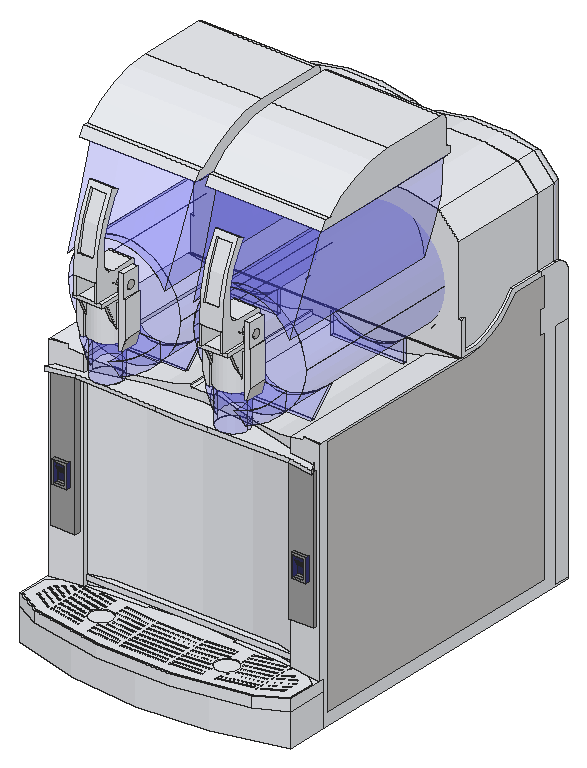
Revit family "QF_ELECTROLUXPROFESSIONAL_560023_NINA2ITNK", category Specialty Equipment, Revit 2018 (continued)
Automatic sketch dimensions
  Extrusion 11 sketch curve to Extrusion 11 sketch curve = 1.17 mm  (x2)
  Extrusion 11 sketch curve to Extrusion 11 sketch curve = 2.477 mm  (x2)
  Extrusion 11 sketch curve to Extrusion 11 sketch curve = 5.827 mm  (x2)
  Extrusion 11 sketch curve to Extrusion 11 sketch curve = 20.0 mm
  Extrusion 11 sketch curve to plane 12 = 92.565 mm  (x2)
  plane 8 "RIGHT" to Extrusion 12 sketch curve = 0.0 mm
  Extrusion 12 sketch curve to plane 3 "Center (Left/Right)" = 0.0 mm
  Extrusion 12 sketch curve to plane 7 "LEFT" = 0.0 mm
  plane 8 "RIGHT" to Extrusion 12 sketch curve = 3.0 mm
  plane 8 "RIGHT" to Extrusion 12 sketch curve = 23.451 mm
  plane 3 "Center (Left/Right)" to Extrusion 12 sketch curve = 65.0 mm
  plane 3 "Center (Left/Right)" to Extrusion 12 sketch curve = 13.451 mm
  Extrusion 12 sketch curve to plane 3 "Center (Left/Right)" = 13.451 mm
  Extrusion 12 sketch curve to plane 3 "Center (Left/Right)" = 65.0 mm
  plane 7 "LEFT" to Extrusion 12 sketch curve = 23.451 mm
  plane 7 "LEFT" to Extrusion 12 sketch curve = 3.0 mm
  plane 4 "FEET" to Extrusion 12 sketch curve = 205.938 mm
  Extrusion 12 sketch curve to Extrusion 12 sketch curve = 0.0 mm
  Extrusion 12 sketch curve to Extrusion 12 sketch curve = 35.215 mm
  Extrusion 12 sketch curve to Extrusion 12 sketch curve = 58.594 mm
  Extrusion 12 sketch curve to Extrusion 12 sketch curve = 58.604 mm
  Extrusion 12 sketch curve to Extrusion 12 sketch curve = 71.542 mm
  Extrusion 12 sketch curve to Extrusion 12 sketch curve = 71.552 mm
  Extrusion 12 sketch curve to plane 12 = 99.151 mm
  Extrusion 12 sketch curve to Extrusion 12 sketch curve = 5.164 mm
  Extrusion 12 sketch curve to Extrusion 12 sketch curve = 22.714 mm
  plane 8 "RIGHT" to Sweep 13 sketch curve = 0.0 mm
  Sweep 13 sketch curve to plane 3 "Center (Left/Right)" = 0.0 mm
  Sweep 13 sketch curve to plane 7 "LEFT" = 0.0 mm
  plane 8 "RIGHT" to Sweep 13 sketch curve = 3.0 mm
  plane 8 "RIGHT" to Sweep 13 sketch curve = 23.451 mm
  plane 3 "Center (Left/Right)" to Sweep 13 sketch curve = 65.0 mm
  plane 3 "Center (Left/Right)" to Sweep 13 sketch curve = 13.451 mm
  Sweep 13 sketch curve to plane 3 "Center (Left/Right)" = 13.451 mm
  Sweep 13 sketch curve to plane 3 "Center (Left/Right)" = 65.0 mm
  plane 7 "LEFT" to Sweep 13 sketch curve = 23.451 mm
  plane 7 "LEFT" to Sweep 13 sketch curve = 3.0 mm
  plane 4 "FEET" to Sweep 13 sketch curve = 205.938 mm
  Sweep 13 sketch curve to Sweep 13 sketch curve = 0.0 mm
  Sweep 13 sketch curve to Sweep 13 sketch curve = 93.809 mm
  Sweep 13 sketch curve to Sweep 13 sketch curve = 93.819 mm
  Sweep 13 sketch curve to Sweep 13 sketch curve = 71.552 mm
  Sweep 13 sketch curve to Sweep 13 sketch curve = 71.542 mm
  Sweep 13 sketch curve to plane 12 = 99.151 mm
  Sweep 13 sketch curve to Sweep 13 sketch curve = 5.164 mm  (x2)
  Sweep 13 sketch curve to profile plane = 0.0 mm
  plane 6 "BACK" to Sweep 13 sketch curve = 0.0 mm
  Sweep 13 sketch curve to Sweep 13 sketch curve = 14.0 mm
  plane 8 "RIGHT" to Extrusion 14 sketch curve = 26.817 mm
  Extrusion 14 sketch curve to Extrusion 14 sketch curve = 48.183 mm  (x2)
  plane 3 "Center (Left/Right)" to Extrusion 14 sketch curve = 16.817 mm
  Extrusion 14 sketch curve to plane 3 "Center (Left/Right)" = 16.817 mm
  plane 7 "LEFT" to Extrusion 14 sketch curve = 26.817 mm
  Extrusion 14 sketch curve to plane 12 = 241.012 mm
  Extrusion 14 sketch curve to Extrusion 14 sketch curve = 0.0 mm
  Extrusion 14 sketch curve to Extrusion 14 sketch curve = 18.033 mm  (x2)
  Extrusion 14 sketch curve to Extrusion 14 sketch curve = 90.124 mm  (x2)
  plane 8 "RIGHT" to Extrusion 15 sketch curve = 0.0 mm
  Extrusion 15 sketch curve to plane 7 "LEFT" = 0.0 mm
  plane 3 "Center (Left/Right)" to Extrusion 15 sketch curve = 56.141 mm
  Extrusion 15 sketch curve to plane 3 "Center (Left/Right)" = 56.141 mm
  plane 4 "FEET" to Extrusion 15 sketch curve = 2.0 mm  (x2)
  Extrusion 15 sketch curve to Extrusion 15 sketch curve = 28.419 mm
  Extrusion 15 sketch curve to Extrusion 15 sketch curve = 210.734 mm
  Extrusion 16 sketch curve to plane 9 = 72.46 mm
  Extrusion 16 sketch curve to plane 9 = 69.326 mm
  Extrusion 16 sketch curve to plane 9 = 8.015 mm
  plane 9 to Extrusion 16 sketch curve = 30.0 mm
  Extrusion 16 sketch curve to plane 12 = 225.0 mm
  Extrusion 16 sketch curve to Extrusion 16 sketch curve = 31.747 mm
  plane 9 to Extrusion 17 sketch curve = 30.0 mm
  Extrusion 17 sketch curve to plane 9 = 8.015 mm
  Extrusion 17 sketch curve to plane 9 = 53.679 mm
  Extrusion 17 sketch curve to plane 9 = 69.326 mm
  Extrusion 17 sketch curve to plane 12 = 223.415 mm
  Extrusion 17 sketch curve to Extrusion 17 sketch curve = 30.162 mm
  Extrusion 18 sketch curve to plane 9 = 72.418 mm
  Extrusion 18 sketch curve to plane 9 = 69.326 mm
  Extrusion 18 sketch curve to Extrusion 18 sketch curve = 6.226 mm
  Extrusion 18 sketch curve to Extrusion 18 sketch curve = 14.345 mm
  plane 9 to Extrusion 18 sketch curve = 30.0 mm
  Extrusion 18 sketch curve to plane 12 = 150.078 mm
  Extrusion 18 sketch curve to Extrusion 18 sketch curve = 72.922 mm
  Extrusion 18 sketch curve to Extrusion 18 sketch curve = 5.0 mm
  Extrusion 19 sketch curve to Extrusion 19 sketch curve = 0.0 mm  (x2)
  plane 4 "FEET" to Extrusion 19 sketch curve = 12.0 mm
  plane 9 to Extrusion 19 sketch curve = 30.0 mm
  Extrusion 19 sketch curve to plane 9 = 8.015 mm
  Extrusion 19 sketch curve to plane 9 = 66.192 mm
  Extrusion 19 sketch curve to plane 9 = 69.326 mm
  plane 10 to Extrusion 19 sketch curve = 20.0 mm
  Extrusion 19 sketch curve to plane 12 = 225.0 mm
  Extrusion 19 sketch curve to Extrusion 19 sketch curve = 31.747 mm
  Extrusion 19 sketch curve to Extrusion 19 sketch curve = 14.345 mm
  plane 8 "RIGHT" to Extrusion 20 sketch curve = 0.0 mm
  Extrusion 20 sketch curve to plane 3 "Center (Left/Right)" = 0.0 mm
  Extrusion 20 sketch curve to plane 7 "LEFT" = 0.0 mm
  Extrusion 20 sketch curve to Extrusion 20 sketch curve = 3.0 mm
  plane 8 "RIGHT" to Extrusion 20 sketch curve = 23.451 mm
  plane 3 "Center (Left/Right)" to Extrusion 20 sketch curve = 65.0 mm
  plane 3 "Center (Left/Right)" to Extrusion 20 sketch curve = 13.451 mm
  Extrusion 20 sketch curve to plane 3 "Center (Left/Right)" = 13.451 mm
  Extrusion 20 sketch curve to plane 3 "Center (Left/Right)" = 65.0 mm
  plane 7 "LEFT" to Extrusion 20 sketch curve = 23.451 mm
  plane 7 "LEFT" to Extrusion 20 sketch curve = 3.0 mm
  plane 4 "FEET" to Extrusion 20 sketch curve = 205.938 mm
  Extrusion 20 sketch curve to Extrusion 20 sketch curve = 0.0 mm
  Extrusion 20 sketch curve to Extrusion 20 sketch curve = 59.062 mm
  Extrusion 20 sketch curve to Extrusion 20 sketch curve = 34.747 mm
  Extrusion 20 sketch curve to Extrusion 20 sketch curve = 34.757 mm
  Extrusion 20 sketch curve to Extrusion 20 sketch curve = 71.542 mm
  Extrusion 20 sketch curve to Extrusion 20 sketch curve = 71.552 mm
  Extrusion 20 sketch curve to plane 12 = 108.927 mm
  Extrusion 20 sketch curve to Extrusion 20 sketch curve = 22.714 mm  (x2)
  plane 10 to Extrusion 21 sketch curve = 4.147 mm
  Extrusion 21 sketch curve to Extrusion 21 sketch curve = 3.308 mm
  Extrusion 21 sketch curve to Extrusion 21 sketch curve = 0.157 mm
  Extrusion 21 sketch curve to Extrusion 21 sketch curve = 2.546 mm
  plane 4 "FEET" to Extrusion 21 sketch curve = 140.394 mm
  Extrusion 21 sketch curve to Extrusion 21 sketch curve = 7.648 mm
  Extrusion 21 sketch curve to Extrusion 21 sketch curve = 2.987 mm
  Extrusion 21 sketch curve to Extrusion 21 sketch curve = 3.069 mm
  plane 8 "RIGHT" to Extrusion 23 sketch curve = 33.046 mm
  plane 7 "LEFT" to Extrusion 23 sketch curve = 33.046 mm
  plane 4 "FEET" to Extrusion 23 sketch curve = 50.037 mm
  Extrusion 23 sketch curve to Extrusion 23 sketch curve = 5.468 mm
  Extrusion 25 sketch curve to Extrusion 25 sketch curve = 0.0 mm  (x8237)
  Extrusion 25 sketch curve to plane 3 "Center (Left/Right)" = 0.0 mm  (x2)
  Extrusion 25 sketch curve to plane 3 "Center (Left/Right)" = 23.123 mm  (x2)
  Extrusion 25 sketch curve to plane 10 = 2.831 mm
  Extrusion 25 sketch curve to Extrusion 25 sketch curve = 3.819 mm  (x18)
  Extrusion 25 sketch curve to plane 10 = 0.587 mm  (x2)
  Extrusion 25 sketch curve to Extrusion 25 sketch curve = 18.011 mm  (x2)
  Extrusion 25 sketch curve to Extrusion 25 sketch curve = 24.069 mm  (x2)
  Extrusion 25 sketch curve to Extrusion 25 sketch curve = 1.988 mm  (x2)
  Extrusion 25 sketch curve to Extrusion 25 sketch curve = 5.672 mm  (x2)
  Extrusion 25 sketch curve to plane 10 = 5.236 mm
  Extrusion 25 sketch curve to Extrusion 25 sketch curve = 7.661 mm
  plane 10 to Extrusion 25 sketch curve = 0.828 mm
  Extrusion 25 sketch curve to Extrusion 25 sketch curve = 6.328 mm  (x2)
  Extrusion 25 sketch curve to Extrusion 25 sketch curve = 12.655 mm  (x4)
  Extrusion 25 sketch curve to plane 10 = 1.151 mm  (x2)
  Extrusion 25 sketch curve to Extrusion 25 sketch curve = 2.84 mm  (x2)
  Extrusion 25 sketch curve to Extrusion 25 sketch curve = 3.896 mm  (x2)
  Extrusion 25 sketch curve to Extrusion 25 sketch curve = 3.69 mm  (x2)
  Extrusion 25 sketch curve to Extrusion 25 sketch curve = 2.634 mm  (x2)
  Extrusion 25 sketch curve to Extrusion 25 sketch curve = 17.479 mm  (x2)
  Extrusion 25 sketch curve to Extrusion 25 sketch curve = 15.901 mm  (x2)
  Extrusion 25 sketch curve to Extrusion 25 sketch curve = 26.85 mm
  Extrusion 25 sketch curve to plane 10 = 1.967 mm
  Extrusion 25 sketch curve to plane 10 = 1.645 mm  (x2)
  Extrusion 25 sketch curve to Extrusion 25 sketch curve = 2.653 mm  (x14)
  plane 10 to Extrusion 25 sketch curve = 2.928 mm  (x2)
  Extrusion 25 sketch curve to plane 10 = 8.505 mm
  plane 10 to Extrusion 25 sketch curve = 12.867 mm  (x2)
  Extrusion 25 sketch curve to Extrusion 25 sketch curve = 1.429 mm  (x2)
  plane 10 to Extrusion 25 sketch curve = 11.52 mm  (x2)
  Extrusion 25 sketch curve to Extrusion 25 sketch curve = 1.695 mm  (x8)
  plane 5 "FRONT" to Extrusion 25 sketch curve = 16.02 mm  (x2)
  Extrusion 25 sketch curve to Extrusion 25 sketch curve = 4.196 mm
  plane 10 to Extrusion 25 sketch curve = 8.825 mm  (x2)
  Extrusion 25 sketch curve to Extrusion 25 sketch curve = 3.389 mm  (x6)
  plane 10 to Extrusion 25 sketch curve = 7.478 mm  (x2)
  plane 10 to Extrusion 25 sketch curve = 4.783 mm  (x2)
  plane 10 to Extrusion 25 sketch curve = 3.436 mm  (x2)
  Extrusion 25 sketch curve to Extrusion 25 sketch curve = 7.773 mm  (x2)
  plane 10 to Extrusion 25 sketch curve = 0.741 mm  (x2)
  Extrusion 25 sketch curve to plane 10 = 0.606 mm  (x2)
  Extrusion 25 sketch curve to Extrusion 25 sketch curve = 2.264 mm  (x2)
  plane 7 "LEFT" to Extrusion 25 sketch curve = 2.0 mm
  Extrusion 25 sketch curve to plane 10 = 8.841 mm
  plane 3 "Center (Left/Right)" to Extrusion 25 sketch curve = 23.123 mm
  plane 10 to Extrusion 25 sketch curve = 5.183 mm
  Extrusion 25 sketch curve to plane 10 = 0.827 mm
  plane 10 to Extrusion 25 sketch curve = 8.918 mm
  Extrusion 25 sketch curve to Extrusion 25 sketch curve = 13.718 mm
  plane 10 to Extrusion 25 sketch curve = 2.85 mm
  plane 10 to Extrusion 25 sketch curve = 2.914 mm  (x2)
  Extrusion 25 sketch curve to plane 10 = 3.183 mm
  plane 10 to Extrusion 25 sketch curve = 0.101 mm
  Extrusion 25 sketch curve to plane 10 = 10.792 mm
  plane 8 "RIGHT" to Extrusion 25 sketch curve = 12.0 mm
  plane 8 "RIGHT" to Extrusion 25 sketch curve = 2.0 mm
  plane 5 "FRONT" to Extrusion 25 sketch curve = 15.922 mm  (x2)
  Extrusion 25 sketch curve to Extrusion 25 sketch curve = 2.004 mm  (x14)
  Extrusion 25 sketch curve to Extrusion 25 sketch curve = 0.218 mm
  Extrusion 25 sketch curve to Extrusion 25 sketch curve = 2.003 mm  (x8)
  Extrusion 25 sketch curve to plane 5 "FRONT" = 230.366 mm
  Extrusion 25 sketch curve to Extrusion 25 sketch curve = 3.004 mm
  Extrusion 25 sketch curve to Extrusion 25 sketch curve = 0.131 mm  (x2)
  Extrusion 25 sketch curve to Extrusion 25 sketch curve = 3.006 mm  (x2)
  Extrusion 25 sketch curve to Extrusion 25 sketch curve = 2.027 mm  (x4)
  Extrusion 25 sketch curve to Extrusion 25 sketch curve = 3.041 mm  (x2)
  Extrusion 25 sketch curve to Extrusion 25 sketch curve = 4.006 mm  (x4)
  Extrusion 25 sketch curve to Extrusion 25 sketch curve = 0.223 mm  (x2)
  Extrusion 25 sketch curve to Extrusion 25 sketch curve = 0.512 mm  (x2)
  Extrusion 25 sketch curve to Extrusion 25 sketch curve = 2.287 mm  (x17)
  Extrusion 25 sketch curve to Extrusion 25 sketch curve = 4.543 mm  (x2)
  Extrusion 25 sketch curve to Extrusion 25 sketch curve = 0.226 mm  (x2)
  Extrusion 25 sketch curve to plane 10 = 25.822 mm  (x2)
  Extrusion 25 sketch curve to Extrusion 25 sketch curve = 2.031 mm  (x2)
  Extrusion 25 sketch curve to Extrusion 25 sketch curve = 0.162 mm  (x2)
  Extrusion 25 sketch curve to Extrusion 25 sketch curve = 0.229 mm  (x2)
  Extrusion 25 sketch curve to Extrusion 25 sketch curve = 4.735 mm  (x2)
  Extrusion 25 sketch curve to Extrusion 25 sketch curve = 5.89 mm  (x2)
  Extrusion 25 sketch curve to Extrusion 25 sketch curve = 2.035 mm  (x2)
  Extrusion 25 sketch curve to Extrusion 25 sketch curve = 0.837 mm  (x2)
  Extrusion 25 sketch curve to Extrusion 25 sketch curve = 10.71 mm
  Extrusion 25 sketch curve to Extrusion 25 sketch curve = 9.076 mm
  Extrusion 25 sketch curve to Extrusion 25 sketch curve = 0.233 mm  (x2)
  Extrusion 25 sketch curve to Extrusion 25 sketch curve = 4.071 mm  (x2)
  Extrusion 25 sketch curve to Extrusion 25 sketch curve = 4.573 mm  (x4)
  Extrusion 25 sketch curve to Extrusion 25 sketch curve = 2.036 mm  (x2)
  Extrusion 25 sketch curve to Extrusion 25 sketch curve = 0.236 mm
  Extrusion 25 sketch curve to Extrusion 25 sketch curve = 2.034 mm  (x4)
  Extrusion 25 sketch curve to Extrusion 25 sketch curve = 1.965 mm
  Extrusion 25 sketch curve to Extrusion 25 sketch curve = 2.032 mm
  Extrusion 25 sketch curve to Extrusion 25 sketch curve = 2.005 mm  (x3)
  plane 10 to Extrusion 25 sketch curve = 2.419 mm  (x2)
  plane 10 to Extrusion 25 sketch curve = 3.423 mm
  Extrusion 25 sketch curve to Extrusion 25 sketch curve = 2.033 mm  (x2)
  Extrusion 25 sketch curve to Extrusion 25 sketch curve = 4.067 mm  (x2)
  Extrusion 25 sketch curve to Extrusion 25 sketch curve = 0.665 mm  (x2)
  Extrusion 25 sketch curve to Extrusion 25 sketch curve = 0.792 mm  (x2)
  Extrusion 25 sketch curve to Extrusion 25 sketch curve = 6.595 mm  (x2)
  Extrusion 25 sketch curve to Extrusion 25 sketch curve = 8.988 mm
  Extrusion 25 sketch curve to Extrusion 25 sketch curve = 9.498 mm
  Extrusion 25 sketch curve to Extrusion 25 sketch curve = 2.536 mm
  Extrusion 26 sketch curve to plane 6 "BACK" = 0.0 mm
  plane 7 "LEFT" to Extrusion 26 sketch curve = 30.0 mm
  Extrusion 26 sketch curve to plane 3 "Center (Left/Right)" = 25.251 mm
  plane 3 "Center (Left/Right)" to Extrusion 26 sketch curve = 25.251 mm
  plane 8 "RIGHT" to Extrusion 26 sketch curve = 30.0 mm
  Extrusion 26 sketch curve to plane 6 "BACK" = 24.749 mm  (x2)
  Extrusion 26 sketch curve to Extrusion 26 sketch curve = 10.251 mm
  Extrusion 27 sketch curve to plane 3 "Center (Left/Right)" = 0.0 mm
  plane 4 "FEET" to Extrusion 27 sketch curve = 15.877 mm
  Extrusion 28 sketch curve to plane 7 "LEFT" = 4.096 mm
  Extrusion 28 sketch curve to Extrusion 28 sketch curve = 25.0 mm
  Extrusion 28 sketch curve to plane 4 "FEET" = 94.631 mm
  Extrusion 28 sketch curve to Extrusion 28 sketch curve = 145.0 mm
  Split face 1 sketch curve to Extrusion 28 = 6.447 mm
  Split face 1 sketch curve to Split face 1 sketch curve = 3.978 mm  (x5)
  Split face 1 sketch curve to Split face 1 sketch curve = 0.0 mm  (x2)
  Split face 1 sketch curve to Split face 1 sketch curve = 2.532 mm  (x3)
  Split face 1 sketch curve to Extrusion 28 = 22.468 mm
  Split face 2 sketch curve to Extrusion 28 = 6.447 mm
  Split face 2 sketch curve to Extrusion 28 = 8.065 mm
  Split face 2 sketch curve to Extrusion 28 = 30.309 mm
  Split face 2 sketch curve to Split face 2 sketch curve = 2.532 mm
  Split face 3 sketch curve to Extrusion 28 = 8.617 mm
  Split face 3 sketch curve to Split face 3 sketch curve = 5.967 mm
  Split face 3 sketch curve to Extrusion 28 = 29.43 mm
  Split face 3 sketch curve to Split face 3 sketch curve = 2.441 mm
  Split face 4 sketch curve to Extrusion 28 = 8.617 mm
  Split face 4 sketch curve to Split face 4 sketch curve = 5.967 mm
  Split face 4 sketch curve to Extrusion 28 = 32.956 mm
  Split face 4 sketch curve to Split face 4 sketch curve = 2.441 mm
  Split face 5 sketch curve to Extrusion 28 = 8.617 mm
  Split face 5 sketch curve to Split face 5 sketch curve = 5.967 mm
  Split face 5 sketch curve to Extrusion 28 = 36.392 mm
  Split face 5 sketch curve to Split face 5 sketch curve = 2.441 mm
  Split face 6 sketch curve to Extrusion 28 = 8.617 mm
  Split face 6 sketch curve to Split face 6 sketch curve = 5.967 mm
  Split face 6 sketch curve to Extrusion 28 = 39.918 mm
  Split face 6 sketch curve to Split face 6 sketch curve = 2.441 mm
  Split face 7 sketch curve to Extrusion 28 = 8.617 mm
  Split face 7 sketch curve to Split face 7 sketch curve = 5.967 mm
  Split face 7 sketch curve to Extrusion 28 = 43.43 mm
  Split face 7 sketch curve to Split face 7 sketch curve = 2.441 mm
  Split face 8 sketch curve to Extrusion 28 = 8.617 mm
  Split face 8 sketch curve to Split face 8 sketch curve = 5.967 mm
  Split face 8 sketch curve to Extrusion 28 = 46.956 mm
  Split face 8 sketch curve to Split face 8 sketch curve = 2.441 mm
  Split face 9 sketch curve to Extrusion 28 = 8.617 mm
  Split face 9 sketch curve to Split face 9 sketch curve = 5.967 mm
  Split face 9 sketch curve to Extrusion 28 = 50.392 mm
  Split face 9 sketch curve to Split face 9 sketch curve = 2.441 mm
  Split face 10 sketch curve to Extrusion 28 = 8.617 mm
  Split face 10 sketch curve to Split face 10 sketch curve = 5.967 mm
  Split face 10 sketch curve to Extrusion 28 = 53.918 mm
  Split face 10 sketch curve to Split face 10 sketch curve = 2.441 mm
  Extrusion 29 sketch curve to plane 7 "LEFT" = 8.743 mm
  Extrusion 29 sketch curve to Extrusion 29 sketch curve = 2.0 mm  (x4)
  Extrusion 29 sketch curve to Extrusion 29 sketch curve = 11.0 mm
  Extrusion 29 sketch curve to plane 4 "FEET" = 136.212 mm
  Extrusion 29 sketch curve to Extrusion 29 sketch curve = 19.822 mm
  plane 10 to Extrusion 30 sketch curve = 4.147 mm
  Extrusion 30 sketch curve to Extrusion 30 sketch curve = 3.308 mm
  Extrusion 30 sketch curve to Extrusion 30 sketch curve = 0.157 mm
  Extrusion 30 sketch curve to Extrusion 30 sketch curve = 2.546 mm
  plane 4 "FEET" to Extrusion 30 sketch curve = 154.994 mm
  Extrusion 30 sketch curve to Extrusion 30 sketch curve = 0.896 mm
  Extrusion 30 sketch curve to Extrusion 30 sketch curve = 2.987 mm
  Extrusion 30 sketch curve to Extrusion 30 sketch curve = 7.648 mm
  plane 8 "RIGHT" to Extrusion 31 sketch curve = 4.096 mm
  Extrusion 31 sketch curve to Extrusion 31 sketch curve = 25.0 mm
  plane 4 "FEET" to Extrusion 31 sketch curve = 94.631 mm
  Extrusion 31 sketch curve to Extrusion 31 sketch curve = 145.0 mm
  Split face 11 sketch curve to Extrusion 31 = 6.447 mm
  Split face 11 sketch curve to Split face 11 sketch curve = 3.978 mm  (x5)
  Split face 11 sketch curve to Split face 11 sketch curve = 0.0 mm  (x2)
  Split face 11 sketch curve to Split face 11 sketch curve = 2.532 mm  (x3)
  Split face 11 sketch curve to Extrusion 31 = 22.468 mm
  Split face 12 sketch curve to Extrusion 31 = 6.447 mm
  Split face 12 sketch curve to Extrusion 31 = 8.065 mm
  Split face 12 sketch curve to Extrusion 31 = 30.309 mm
  Split face 12 sketch curve to Split face 12 sketch curve = 2.532 mm
  Split face 13 sketch curve to Extrusion 31 = 8.617 mm
  Split face 13 sketch curve to Split face 13 sketch curve = 5.967 mm
  Split face 13 sketch curve to Extrusion 31 = 29.43 mm
  Split face 13 sketch curve to Split face 13 sketch curve = 2.441 mm
  Split face 14 sketch curve to Extrusion 31 = 8.617 mm
  Split face 14 sketch curve to Split face 14 sketch curve = 5.967 mm
  Split face 14 sketch curve to Extrusion 31 = 32.956 mm
  Split face 14 sketch curve to Split face 14 sketch curve = 2.441 mm
  Split face 15 sketch curve to Extrusion 31 = 8.617 mm
  Split face 15 sketch curve to Split face 15 sketch curve = 5.967 mm
  Split face 15 sketch curve to Extrusion 31 = 36.392 mm
  Split face 15 sketch curve to Split face 15 sketch curve = 2.441 mm
  Split face 16 sketch curve to Extrusion 31 = 8.617 mm
  Split face 16 sketch curve to Split face 16 sketch curve = 5.967 mm
  Split face 16 sketch curve to Extrusion 31 = 39.918 mm
  Split face 16 sketch curve to Split face 16 sketch curve = 2.441 mm
  Split face 17 sketch curve to Extrusion 31 = 8.617 mm
  Split face 17 sketch curve to Split face 17 sketch curve = 5.967 mm
  Split face 17 sketch curve to Extrusion 31 = 43.43 mm
  Split face 17 sketch curve to Split face 17 sketch curve = 2.441 mm
  Split face 18 sketch curve to Extrusion 31 = 8.617 mm
  Split face 18 sketch curve to Split face 18 sketch curve = 5.967 mm
  Split face 18 sketch curve to Extrusion 31 = 46.956 mm
  Split face 18 sketch curve to Split face 18 sketch curve = 2.441 mm
  Split face 19 sketch curve to Extrusion 31 = 8.617 mm
  Split face 19 sketch curve to Split face 19 sketch curve = 5.967 mm
  Split face 19 sketch curve to Extrusion 31 = 50.392 mm
  Split face 19 sketch curve to Split face 19 sketch curve = 2.441 mm
  Split face 20 sketch curve to Extrusion 31 = 8.617 mm
  Split face 20 sketch curve to Split face 20 sketch curve = 5.967 mm
  Split face 20 sketch curve to Extrusion 31 = 53.918 mm
  Split face 20 sketch curve to Split face 20 sketch curve = 2.441 mm
  plane 8 "RIGHT" to Extrusion 32 sketch curve = 8.743 mm
  Extrusion 32 sketch curve to Extrusion 32 sketch curve = 2.0 mm  (x4)
  Extrusion 32 sketch curve to Extrusion 32 sketch curve = 11.0 mm
  plane 4 "FEET" to Extrusion 32 sketch curve = 136.212 mm
  Extrusion 32 sketch curve to Extrusion 32 sketch curve = 19.822 mm
  Extrusion 33 sketch curve to Extrusion 33 sketch curve = 0.0 mm  (x2)
  plane 4 "FEET" to Extrusion 33 sketch curve = 12.0 mm
  plane 9 to Extrusion 33 sketch curve = 30.0 mm
  Extrusion 33 sketch curve to plane 9 = 4.783 mm
  Extrusion 33 sketch curve to plane 9 = 66.192 mm
  Extrusion 33 sketch curve to plane 9 = 69.326 mm
  plane 10 to Extrusion 33 sketch curve = 20.0 mm
  Extrusion 33 sketch curve to plane 12 = 225.0 mm
  Extrusion 33 sketch curve to Extrusion 33 sketch curve = 36.747 mm
  Extrusion 33 sketch curve to Extrusion 33 sketch curve = 14.345 mm
  Extrusion 34 sketch curve to plane 9 = 8.356 mm
  Extrusion 34 sketch curve to plane 9 = 69.326 mm
  Extrusion 34 sketch curve to Extrusion 34 sketch curve = 3.092 mm
  Extrusion 34 sketch curve to plane 12 = 219.997 mm
  Extrusion 34 sketch curve to Extrusion 34 sketch curve = 35.554 mm
  plane 4 "FEET" to Extrusion 35 sketch curve = 12.0 mm
  plane 9 to Extrusion 35 sketch curve = 30.0 mm
  Extrusion 35 sketch curve to plane 9 = 51.847 mm
  Extrusion 35 sketch curve to Extrusion 35 sketch curve = 14.345 mm
  Extrusion 35 sketch curve to plane 9 = 69.326 mm
  plane 10 to Extrusion 35 sketch curve = 20.0 mm
  Extrusion 35 sketch curve to plane 12 = 225.0 mm
  Extrusion 35 sketch curve to Extrusion 35 sketch curve = 2.0 mm
  Extrusion 36 sketch curve to plane 9 = 8.356 mm
  Extrusion 36 sketch curve to plane 9 = 69.326 mm
  Extrusion 36 sketch curve to Extrusion 36 sketch curve = 3.092 mm
  Extrusion 36 sketch curve to plane 12 = 150.078 mm
  Extrusion 36 sketch curve to Extrusion 36 sketch curve = 34.365 mm
  Extrusion 37 sketch curve to plane 9 = 69.326 mm
  Extrusion 37 sketch curve to plane 9 = 51.847 mm
  Extrusion 37 sketch curve to plane 9 = 8.015 mm
  plane 9 to Extrusion 37 sketch curve = 30.0 mm
  Extrusion 37 sketch curve to plane 12 = 223.0 mm
  Extrusion 37 sketch curve to Extrusion 37 sketch curve = 29.747 mm
  plane 10 to Extrusion 38 sketch curve = 20.0 mm
  Extrusion 38 sketch curve to plane 9 = 69.326 mm
  Extrusion 38 sketch curve to plane 9 = 66.192 mm
  Extrusion 38 sketch curve to plane 9 = 8.015 mm
  plane 9 to Extrusion 38 sketch curve = 30.0 mm
  plane 4 "FEET" to Extrusion 38 sketch curve = 12.0 mm
  Extrusion 38 sketch curve to plane 12 = 225.0 mm
  Extrusion 38 sketch curve to Extrusion 38 sketch curve = 31.747 mm
  Extrusion 39 sketch curve to plane 3 "Center (Left/Right)" = 0.0 mm  (x2)
  plane 10 to Extrusion 39 sketch curve = 5.427 mm  (x2)
  Extrusion 39 sketch curve to plane 3 "Center (Left/Right)" = 26.943 mm
  plane 7 "LEFT" to Extrusion 39 sketch curve = 33.046 mm
  plane 10 to Extrusion 39 sketch curve = 7.5 mm  (x2)
  Extrusion 39 sketch curve to Extrusion 39 sketch curve = 3.95 mm  (x2)
  plane 7 "LEFT" to Extrusion 39 sketch curve = 10.082 mm
  plane 7 "LEFT" to Extrusion 39 sketch curve = 2.0 mm
  plane 8 "RIGHT" to Extrusion 39 sketch curve = 33.046 mm
  plane 8 "RIGHT" to Extrusion 39 sketch curve = 10.082 mm
  plane 8 "RIGHT" to Extrusion 39 sketch curve = 2.0 mm
  plane 10 to Extrusion 39 sketch curve = 2.419 mm  (x2)
  Extrusion 39 sketch curve to plane 5 "FRONT" = 230.366 mm
  Extrusion 39 sketch curve to Extrusion 39 sketch curve = 13.998 mm  (x2)
  Extrusion 39 sketch curve to Extrusion 39 sketch curve = 12.144 mm  (x2)
  Extrusion 39 sketch curve to Extrusion 39 sketch curve = 3.029 mm
  Extrusion 39 sketch curve to plane 9 = 15.14 mm
  Extrusion 40 sketch curve to plane 7 "LEFT" = 0.0 mm
  Extrusion 40 sketch curve to plane 3 "Center (Left/Right)" = 0.0 mm  (x2)
  Extrusion 40 sketch curve to plane 8 "RIGHT" = 0.0 mm
  plane 5 "FRONT" to Extrusion 40 sketch curve = 14.146 mm  (x2)
  plane 7 "LEFT" to Extrusion 40 sketch curve = 27.699 mm
  plane 7 "LEFT" to Extrusion 40 sketch curve = 33.046 mm
  plane 8 "RIGHT" to Extrusion 40 sketch curve = 33.046 mm
  Extrusion 40 sketch curve to plane 5 "FRONT" = 230.366 mm
  Extrusion 40 sketch curve to plane 10 = 27.0 mm  (x2)
  plane 10 to Extrusion 40 sketch curve = 15.0 mm  (x2)
  plane 10 to Extrusion 40 sketch curve = 19.644 mm  (x2)
  Extrusion 40 sketch curve to Extrusion 40 sketch curve = 3.029 mm
  plane 6 "BACK" to Extrusion 40 sketch curve = 65.331 mm
  Extrusion 24 sketch curve to plane 3 "Center (Left/Right)" = 0.0 mm  (x2)
  plane 7 "LEFT" to Extrusion 24 sketch curve = 35.046 mm
  plane 7 "LEFT" to Extrusion 24 sketch curve = 30.675 mm
  plane 8 "RIGHT" to Extrusion 24 sketch curve = 35.046 mm
  plane 8 "RIGHT" to Extrusion 24 sketch curve = 30.675 mm
  Extrusion 24 sketch curve to plane 5 "FRONT" = 230.366 mm
  plane 5 "FRONT" to Extrusion 24 sketch curve = 21.644 mm
  plane 10 to Extrusion 24 sketch curve = 13.261 mm  (x2)
  plane 10 to Extrusion 24 sketch curve = 17.906 mm  (x2)
  Extrusion 24 sketch curve to Extrusion 24 sketch curve = 3.046 mm
  plane 6 "BACK" to Extrusion 24 sketch curve = 65.331 mm
  plane 8 "RIGHT" to Extrusion 24 sketch curve = 2.0 mm
  Extrusion 24 sketch curve to plane 10 = 18.962 mm  (x2)
  plane 7 "LEFT" to Extrusion 24 sketch curve = 2.0 mm
  Extrusion 22 sketch curve to plane 7 "LEFT" = 0.0 mm
  Extrusion 22 sketch curve to plane 3 "Center (Left/Right)" = 0.0 mm  (x2)
  Extrusion 22 sketch curve to plane 8 "RIGHT" = 0.0 mm
  plane 7 "LEFT" to Extrusion 22 sketch curve = 33.046 mm
  plane 8 "RIGHT" to Extrusion 22 sketch curve = 33.046 mm
  Extrusion 22 sketch curve to plane 5 "FRONT" = 230.366 mm
  plane 10 to Extrusion 22 sketch curve = 15.0 mm  (x2)
  plane 10 to Extrusion 22 sketch curve = 19.644 mm  (x2)
  Extrusion 22 sketch curve to Extrusion 22 sketch curve = 3.029 mm
  plane 6 "BACK" to Extrusion 22 sketch curve = 24.565 mm
  Extrusion 22 sketch curve to plane 10 = 27.0 mm
  curve 16 to curve 17 = 0.0 mm  (x2)
  curve 16 to curve 24 = 0.0 mm  (x2)
  curve 16 to curve 25 = 0.0 mm  (x2)
  curve 16 to curve 26 = 0.0 mm  (x2)
  curve 16 to curve 27 = 0.0 mm  (x2)
  curve 16 to curve 28 = 0.0 mm  (x2)
  curve 16 to curve 29 = 0.0 mm  (x2)
  curve 16 to curve 30 = 0.0 mm  (x2)
  curve 16 to curve 31 = 0.0 mm  (x2)
  curve 16 to curve 32 = 0.0 mm  (x2)
  curve 16 to curve 33 = 0.0 mm  (x2)
  curve 16 to curve 34 = 0.0 mm  (x2)
  curve 16 to curve 35 = 0.0 mm  (x2)
  curve 16 to curve 36 = 0.0 mm  (x2)
  curve 16 to curve 37 = 0.0 mm  (x2)
  curve 16 to curve 38 = 0.0 mm  (x2)
  curve 16 to curve 39 = 0.0 mm  (x2)
  curve 16 to curve 40 = 0.0 mm  (x2)
  curve 16 to curve 41 = 0.0 mm  (x2)
  curve 16 to curve 58 = 0.0 mm  (x2)
  curve 16 to curve 59 = 0.0 mm  (x2)
  curve 16 to curve 60 = 0.0 mm  (x2)
  curve 16 to curve 61 = 0.0 mm  (x2)
  curve 16 to curve 62 = 0.0 mm  (x2)
  curve 16 to curve 63 = 0.0 mm  (x2)
  curve 16 to curve 64 = 0.0 mm  (x2)
  curve 16 to curve 65 = 0.0 mm  (x2)
  curve 16 to curve 66 = 0.0 mm  (x2)
  curve 16 to curve 67 = 0.0 mm  (x2)
  curve 16 to curve 68 = 0.0 mm  (x2)
  curve 16 to curve 69 = 0.0 mm  (x2)
  curve 16 to curve 70 = 0.0 mm  (x2)
  curve 16 to curve 71 = 0.0 mm  (x2)
  curve 16 to curve 72 = 0.0 mm  (x2)
  curve 16 to curve 91 = 0.0 mm  (x2)
  curve 16 to curve 92 = 0.0 mm  (x2)
  curve 16 to curve 93 = 0.0 mm  (x2)
  curve 16 to curve 94 = 0.0 mm  (x2)
  curve 16 to curve 95 = 0.0 mm  (x2)
  curve 16 to curve 96 = 0.0 mm  (x2)
  curve 16 to curve 97 = 0.0 mm  (x2)
  curve 16 to curve 98 = 0.0 mm  (x2)
  curve 16 to curve 99 = 0.0 mm  (x2)
  curve 16 to curve 100 = 0.0 mm  (x2)
  curve 16 to curve 101 = 0.0 mm  (x2)
  curve 16 to curve 116 = 0.0 mm  (x2)
  curve 16 to curve 117 = 0.0 mm  (x2)
  curve 16 to curve 134 = 0.0 mm  (x2)
  curve 16 to curve 135 = 0.0 mm  (x2)
  curve 16 to curve 136 = 0.0 mm  (x2)
  curve 16 to curve 137 = 0.0 mm  (x2)
  curve 16 to curve 138 = 0.0 mm  (x2)
  curve 16 to curve 139 = 0.0 mm  (x2)
  curve 16 to curve 140 = 0.0 mm  (x2)
  curve 16 to curve 141 = 0.0 mm  (x2)
  curve 16 to curve 142 = 0.0 mm  (x2)
  curve 16 to curve 143 = 0.0 mm  (x2)
  curve 16 to curve 144 = 0.0 mm  (x2)
  curve 16 to curve 145 = 0.0 mm  (x2)
  curve 16 to curve 146 = 0.0 mm  (x2)
  curve 16 to curve 147 = 0.0 mm  (x2)
  curve 16 to curve 148 = 0.0 mm  (x2)
  curve 16 to curve 167 = 0.0 mm  (x2)
  curve 16 to curve 168 = 0.0 mm  (x2)
  curve 16 to curve 169 = 0.0 mm  (x2)
  curve 16 to curve 170 = 0.0 mm  (x2)
  curve 16 to curve 171 = 0.0 mm  (x2)
  curve 16 to curve 172 = 0.0 mm  (x2)
  curve 16 to curve 173 = 0.0 mm  (x2)
  curve 16 to curve 174 = 0.0 mm  (x2)
  curve 16 to curve 175 = 0.0 mm  (x2)
  curve 16 to curve 176 = 0.0 mm  (x2)
  curve 16 to curve 177 = 0.0 mm  (x2)
  curve 17 to curve 24 = 0.0 mm  (x2)
  curve 17 to curve 25 = 0.0 mm  (x2)
  curve 17 to curve 26 = 0.0 mm  (x2)
  curve 17 to curve 27 = 0.0 mm  (x2)
  curve 17 to curve 28 = 0.0 mm  (x2)
  curve 17 to curve 29 = 0.0 mm  (x2)
  curve 17 to curve 30 = 0.0 mm  (x2)
  curve 17 to curve 31 = 0.0 mm  (x2)
  curve 17 to curve 32 = 0.0 mm  (x2)
  curve 17 to curve 33 = 0.0 mm  (x2)
  curve 17 to curve 34 = 0.0 mm  (x2)
  curve 17 to curve 35 = 0.0 mm  (x2)
  curve 17 to curve 36 = 0.0 mm  (x2)
  curve 17 to curve 37 = 0.0 mm  (x2)
  curve 17 to curve 38 = 0.0 mm  (x2)
  curve 17 to curve 39 = 0.0 mm  (x2)
  curve 17 to curve 40 = 0.0 mm  (x2)
  curve 17 to curve 41 = 0.0 mm  (x2)
  curve 17 to curve 58 = 0.0 mm  (x2)
  curve 17 to curve 59 = 0.0 mm  (x2)
  curve 17 to curve 60 = 0.0 mm  (x2)
  curve 17 to curve 61 = 0.0 mm  (x2)
  curve 17 to curve 62 = 0.0 mm  (x2)
  curve 17 to curve 63 = 0.0 mm  (x2)
  curve 17 to curve 64 = 0.0 mm  (x2)
  curve 17 to curve 65 = 0.0 mm  (x2)
  curve 17 to curve 66 = 0.0 mm  (x2)
  curve 17 to curve 67 = 0.0 mm  (x2)
  curve 17 to curve 68 = 0.0 mm  (x2)
  curve 17 to curve 69 = 0.0 mm  (x2)
  curve 17 to curve 70 = 0.0 mm  (x2)
  curve 17 to curve 71 = 0.0 mm  (x2)
  curve 17 to curve 72 = 0.0 mm  (x2)
  curve 17 to curve 91 = 0.0 mm  (x2)
  curve 17 to curve 92 = 0.0 mm  (x2)
  curve 17 to curve 93 = 0.0 mm  (x2)
  curve 17 to curve 94 = 0.0 mm  (x2)
  curve 17 to curve 95 = 0.0 mm  (x2)
  curve 17 to curve 96 = 0.0 mm  (x2)
  curve 17 to curve 97 = 0.0 mm  (x2)
  curve 17 to curve 98 = 0.0 mm  (x2)
  curve 17 to curve 99 = 0.0 mm  (x2)
  curve 17 to curve 100 = 0.0 mm  (x2)
  curve 17 to curve 101 = 0.0 mm  (x2)
  curve 17 to curve 116 = 0.0 mm  (x2)
  curve 17 to curve 117 = 0.0 mm  (x2)
  curve 17 to curve 134 = 0.0 mm  (x2)
  curve 17 to curve 135 = 0.0 mm  (x2)
  curve 17 to curve 136 = 0.0 mm  (x2)
  curve 17 to curve 137 = 0.0 mm  (x2)
  curve 17 to curve 138 = 0.0 mm  (x2)
  curve 17 to curve 139 = 0.0 mm  (x2)
  curve 17 to curve 140 = 0.0 mm  (x2)
  curve 17 to curve 141 = 0.0 mm  (x2)
  curve 17 to curve 142 = 0.0 mm  (x2)
  curve 17 to curve 143 = 0.0 mm  (x2)
  curve 17 to curve 144 = 0.0 mm  (x2)
  curve 17 to curve 145 = 0.0 mm  (x2)
  curve 17 to curve 146 = 0.0 mm  (x2)
  curve 17 to curve 147 = 0.0 mm  (x2)
  curve 17 to curve 148 = 0.0 mm  (x2)
  curve 17 to curve 167 = 0.0 mm  (x2)
  curve 17 to curve 168 = 0.0 mm  (x2)
  curve 17 to curve 169 = 0.0 mm  (x2)
  curve 17 to curve 170 = 0.0 mm  (x2)
  curve 17 to curve 171 = 0.0 mm  (x2)
  curve 17 to curve 172 = 0.0 mm  (x2)
  curve 17 to curve 173 = 0.0 mm  (x2)
  curve 17 to curve 174 = 0.0 mm  (x2)
  curve 17 to curve 175 = 0.0 mm  (x2)
  curve 17 to curve 176 = 0.0 mm  (x2)
  curve 17 to curve 177 = 0.0 mm  (x2)
  curve 24 to curve 25 = 0.0 mm  (x2)
  curve 24 to curve 26 = 0.0 mm  (x2)
  curve 24 to curve 27 = 0.0 mm  (x2)
  curve 24 to curve 28 = 0.0 mm  (x2)
  curve 24 to curve 29 = 0.0 mm  (x2)
  curve 24 to curve 30 = 0.0 mm  (x2)
  curve 24 to curve 31 = 0.0 mm  (x2)
  curve 24 to curve 32 = 0.0 mm  (x2)
  curve 24 to curve 33 = 0.0 mm  (x2)
  curve 24 to curve 34 = 0.0 mm  (x2)
  curve 24 to curve 35 = 0.0 mm  (x2)
  curve 24 to curve 36 = 0.0 mm  (x2)
  curve 24 to curve 37 = 0.0 mm  (x2)
  curve 24 to curve 38 = 0.0 mm  (x2)
  curve 24 to curve 39 = 0.0 mm  (x2)
  curve 24 to curve 40 = 0.0 mm  (x2)
  curve 24 to curve 41 = 0.0 mm  (x2)
  curve 24 to curve 58 = 0.0 mm  (x2)
  curve 24 to curve 59 = 0.0 mm  (x2)
  curve 24 to curve 60 = 0.0 mm  (x2)
  curve 24 to curve 61 = 0.0 mm  (x2)
  curve 24 to curve 62 = 0.0 mm  (x2)
  curve 24 to curve 63 = 0.0 mm  (x2)
  curve 24 to curve 64 = 0.0 mm  (x2)
  curve 24 to curve 65 = 0.0 mm  (x2)
  curve 24 to curve 66 = 0.0 mm  (x2)
  curve 24 to curve 67 = 0.0 mm  (x2)
  curve 24 to curve 68 = 0.0 mm  (x2)
  curve 24 to curve 69 = 0.0 mm  (x2)
  curve 24 to curve 70 = 0.0 mm  (x2)
  curve 24 to curve 71 = 0.0 mm  (x2)
  curve 24 to curve 72 = 0.0 mm  (x2)
  curve 24 to curve 91 = 0.0 mm  (x2)
  curve 24 to curve 92 = 0.0 mm  (x2)
  curve 24 to curve 93 = 0.0 mm  (x2)
  curve 24 to curve 94 = 0.0 mm  (x2)
  curve 24 to curve 95 = 0.0 mm  (x2)
  curve 24 to curve 96 = 0.0 mm  (x2)
  curve 24 to curve 97 = 0.0 mm  (x2)
  curve 24 to curve 98 = 0.0 mm  (x2)
  curve 24 to curve 99 = 0.0 mm  (x2)
  curve 24 to curve 100 = 0.0 mm  (x2)
  curve 24 to curve 101 = 0.0 mm  (x2)
  curve 24 to curve 116 = 0.0 mm  (x2)
  curve 24 to curve 117 = 0.0 mm  (x2)
  curve 24 to curve 134 = 0.0 mm  (x2)
  curve 24 to curve 135 = 0.0 mm  (x2)
  curve 24 to curve 136 = 0.0 mm  (x2)
  curve 24 to curve 137 = 0.0 mm  (x2)
  curve 24 to curve 138 = 0.0 mm  (x2)
  curve 24 to curve 139 = 0.0 mm  (x2)
  curve 24 to curve 140 = 0.0 mm  (x2)
  curve 24 to curve 141 = 0.0 mm  (x2)
  curve 24 to curve 142 = 0.0 mm  (x2)
  curve 24 to curve 143 = 0.0 mm  (x2)
  curve 24 to curve 144 = 0.0 mm  (x2)
  curve 24 to curve 145 = 0.0 mm  (x2)
  curve 24 to curve 146 = 0.0 mm  (x2)
  curve 24 to curve 147 = 0.0 mm  (x2)
  curve 24 to curve 148 = 0.0 mm  (x2)
  curve 24 to curve 167 = 0.0 mm  (x2)
  curve 24 to curve 168 = 0.0 mm  (x2)
  curve 24 to curve 169 = 0.0 mm  (x2)
  curve 24 to curve 170 = 0.0 mm  (x2)
  curve 24 to curve 171 = 0.0 mm  (x2)
  curve 24 to curve 172 = 0.0 mm  (x2)
  curve 24 to curve 173 = 0.0 mm  (x2)
  curve 24 to curve 174 = 0.0 mm  (x2)
  curve 24 to curve 175 = 0.0 mm  (x2)
  curve 24 to curve 176 = 0.0 mm  (x2)
  curve 24 to curve 177 = 0.0 mm  (x2)
  curve 25 to curve 26 = 0.0 mm  (x2)
  curve 25 to curve 27 = 0.0 mm  (x2)
  curve 25 to curve 28 = 0.0 mm  (x2)
  curve 25 to curve 29 = 0.0 mm  (x2)
  curve 25 to curve 30 = 0.0 mm  (x2)
  curve 25 to curve 31 = 0.0 mm  (x2)
  curve 25 to curve 32 = 0.0 mm  (x2)
  curve 25 to curve 33 = 0.0 mm  (x2)
  curve 25 to curve 34 = 0.0 mm  (x2)
  curve 25 to curve 35 = 0.0 mm  (x2)
  curve 25 to curve 36 = 0.0 mm  (x2)
  curve 25 to curve 37 = 0.0 mm  (x2)
  curve 25 to curve 38 = 0.0 mm  (x2)
  curve 25 to curve 39 = 0.0 mm  (x2)
  curve 25 to curve 40 = 0.0 mm  (x2)
  curve 25 to curve 41 = 0.0 mm  (x2)
  curve 25 to curve 58 = 0.0 mm  (x2)
  curve 25 to curve 59 = 0.0 mm  (x2)
  curve 25 to curve 60 = 0.0 mm  (x2)
  curve 25 to curve 61 = 0.0 mm  (x2)
  curve 25 to curve 62 = 0.0 mm  (x2)
  curve 25 to curve 63 = 0.0 mm  (x2)
  curve 25 to curve 64 = 0.0 mm  (x2)
  curve 25 to curve 65 = 0.0 mm  (x2)
  curve 25 to curve 66 = 0.0 mm  (x2)
  curve 25 to curve 67 = 0.0 mm  (x2)
  curve 25 to curve 68 = 0.0 mm  (x2)
  curve 25 to curve 69 = 0.0 mm  (x2)
  curve 25 to curve 70 = 0.0 mm  (x2)
  curve 25 to curve 71 = 0.0 mm  (x2)
  curve 25 to curve 72 = 0.0 mm  (x2)
  curve 25 to curve 91 = 0.0 mm  (x2)
  curve 25 to curve 92 = 0.0 mm  (x2)
  curve 25 to curve 93 = 0.0 mm  (x2)
  curve 25 to curve 94 = 0.0 mm  (x2)
  curve 25 to curve 95 = 0.0 mm  (x2)
  curve 25 to curve 96 = 0.0 mm  (x2)
  curve 25 to curve 97 = 0.0 mm  (x2)
  curve 25 to curve 98 = 0.0 mm  (x2)
  curve 25 to curve 99 = 0.0 mm  (x2)
  curve 25 to curve 100 = 0.0 mm  (x2)
  curve 25 to curve 101 = 0.0 mm  (x2)
  curve 25 to curve 116 = 0.0 mm  (x2)
  curve 25 to curve 117 = 0.0 mm  (x2)
  curve 25 to curve 134 = 0.0 mm  (x2)
  curve 25 to curve 135 = 0.0 mm  (x2)
  curve 25 to curve 136 = 0.0 mm  (x2)
  curve 25 to curve 137 = 0.0 mm  (x2)
  curve 25 to curve 138 = 0.0 mm  (x2)
  curve 25 to curve 139 = 0.0 mm  (x2)
  curve 25 to curve 140 = 0.0 mm  (x2)
  curve 25 to curve 141 = 0.0 mm  (x2)
  curve 25 to curve 142 = 0.0 mm  (x2)
  curve 25 to curve 143 = 0.0 mm  (x2)
  curve 25 to curve 144 = 0.0 mm  (x2)
  curve 25 to curve 145 = 0.0 mm  (x2)
  curve 25 to curve 146 = 0.0 mm  (x2)
  curve 25 to curve 147 = 0.0 mm  (x2)
  curve 25 to curve 148 = 0.0 mm  (x2)
  curve 25 to curve 167 = 0.0 mm  (x2)
  curve 25 to curve 168 = 0.0 mm  (x2)
  curve 25 to curve 169 = 0.0 mm  (x2)
  curve 25 to curve 170 = 0.0 mm  (x2)
  curve 25 to curve 171 = 0.0 mm  (x2)
  curve 25 to curve 172 = 0.0 mm  (x2)
  curve 25 to curve 173 = 0.0 mm  (x2)
  curve 25 to curve 174 = 0.0 mm  (x2)
  curve 25 to curve 175 = 0.0 mm  (x2)
  curve 25 to curve 176 = 0.0 mm  (x2)
  curve 25 to curve 177 = 0.0 mm  (x2)
  curve 26 to curve 27 = 0.0 mm  (x2)
  curve 26 to curve 28 = 0.0 mm  (x2)
  curve 26 to curve 29 = 0.0 mm  (x2)
  curve 26 to curve 30 = 0.0 mm  (x2)
  curve 26 to curve 31 = 0.0 mm  (x2)
  curve 26 to curve 32 = 0.0 mm  (x2)
  curve 26 to curve 33 = 0.0 mm  (x2)
  curve 26 to curve 34 = 0.0 mm  (x2)
  curve 26 to curve 35 = 0.0 mm  (x2)
  curve 26 to curve 36 = 0.0 mm  (x2)
  curve 26 to curve 37 = 0.0 mm  (x2)
  curve 26 to curve 38 = 0.0 mm  (x2)
  curve 26 to curve 39 = 0.0 mm  (x2)
  curve 26 to curve 40 = 0.0 mm  (x2)
  curve 26 to curve 41 = 0.0 mm  (x2)
  curve 26 to curve 58 = 0.0 mm  (x2)
  curve 26 to curve 59 = 0.0 mm  (x2)
  curve 26 to curve 60 = 0.0 mm  (x2)
  curve 26 to curve 61 = 0.0 mm  (x2)
  curve 26 to curve 62 = 0.0 mm  (x2)
  curve 26 to curve 63 = 0.0 mm  (x2)
  curve 26 to curve 64 = 0.0 mm  (x2)
  curve 26 to curve 65 = 0.0 mm  (x2)
  curve 26 to curve 66 = 0.0 mm  (x2)
  curve 26 to curve 67 = 0.0 mm  (x2)
  curve 26 to curve 68 = 0.0 mm  (x2)
  curve 26 to curve 69 = 0.0 mm  (x2)
  curve 26 to curve 70 = 0.0 mm  (x2)
  curve 26 to curve 71 = 0.0 mm  (x2)
  curve 26 to curve 72 = 0.0 mm  (x2)
  curve 26 to curve 91 = 0.0 mm  (x2)
  curve 26 to curve 92 = 0.0 mm  (x2)
  curve 26 to curve 93 = 0.0 mm  (x2)
  curve 26 to curve 94 = 0.0 mm  (x2)
  curve 26 to curve 95 = 0.0 mm  (x2)
  curve 26 to curve 96 = 0.0 mm  (x2)
  curve 26 to curve 97 = 0.0 mm  (x2)
  curve 26 to curve 98 = 0.0 mm  (x2)
  curve 26 to curve 99 = 0.0 mm  (x2)
  curve 26 to curve 100 = 0.0 mm  (x2)
  curve 26 to curve 101 = 0.0 mm  (x2)
  curve 26 to curve 116 = 0.0 mm  (x2)
  curve 26 to curve 117 = 0.0 mm  (x2)
  curve 26 to curve 134 = 0.0 mm  (x2)
  curve 26 to curve 135 = 0.0 mm  (x2)
  curve 26 to curve 136 = 0.0 mm  (x2)
  curve 26 to curve 137 = 0.0 mm  (x2)
  curve 26 to curve 138 = 0.0 mm  (x2)
  curve 26 to curve 139 = 0.0 mm  (x2)
  curve 26 to curve 140 = 0.0 mm  (x2)
  curve 26 to curve 141 = 0.0 mm  (x2)
  curve 26 to curve 142 = 0.0 mm  (x2)
  curve 26 to curve 143 = 0.0 mm  (x2)
  curve 26 to curve 144 = 0.0 mm  (x2)
  curve 26 to curve 145 = 0.0 mm  (x2)
  curve 26 to curve 146 = 0.0 mm  (x2)
  curve 26 to curve 147 = 0.0 mm  (x2)
  curve 26 to curve 148 = 0.0 mm  (x2)
  curve 26 to curve 167 = 0.0 mm  (x2)
  curve 26 to curve 168 = 0.0 mm  (x2)
  curve 26 to curve 169 = 0.0 mm  (x2)
  curve 26 to curve 170 = 0.0 mm  (x2)
  curve 26 to curve 171 = 0.0 mm  (x2)
  curve 26 to curve 172 = 0.0 mm  (x2)
  curve 26 to curve 173 = 0.0 mm  (x2)
  curve 26 to curve 174 = 0.0 mm  (x2)
  curve 26 to curve 175 = 0.0 mm  (x2)
  curve 26 to curve 176 = 0.0 mm  (x2)
  curve 26 to curve 177 = 0.0 mm  (x2)
  curve 27 to curve 28 = 0.0 mm  (x2)
  curve 27 to curve 29 = 0.0 mm  (x2)
  curve 27 to curve 30 = 0.0 mm  (x2)
  curve 27 to curve 31 = 0.0 mm  (x2)
  curve 27 to curve 32 = 0.0 mm  (x2)
  curve 27 to curve 33 = 0.0 mm  (x2)
  curve 27 to curve 34 = 0.0 mm  (x2)
  curve 27 to curve 35 = 0.0 mm  (x2)
  curve 27 to curve 36 = 0.0 mm  (x2)
  curve 27 to curve 37 = 0.0 mm  (x2)
  curve 27 to curve 38 = 0.0 mm  (x2)
  curve 27 to curve 39 = 0.0 mm  (x2)
  curve 27 to curve 40 = 0.0 mm  (x2)
  curve 27 to curve 41 = 0.0 mm  (x2)
  curve 27 to curve 58 = 0.0 mm  (x2)
  curve 27 to curve 59 = 0.0 mm  (x2)
  curve 27 to curve 60 = 0.0 mm  (x2)
  curve 27 to curve 61 = 0.0 mm  (x2)
  curve 27 to curve 62 = 0.0 mm  (x2)
  curve 27 to curve 63 = 0.0 mm  (x2)
  curve 27 to curve 64 = 0.0 mm  (x2)
  curve 27 to curve 65 = 0.0 mm  (x2)
  curve 27 to curve 66 = 0.0 mm  (x2)
  curve 27 to curve 67 = 0.0 mm  (x2)
  curve 27 to curve 68 = 0.0 mm  (x2)
  curve 27 to curve 69 = 0.0 mm  (x2)
  curve 27 to curve 70 = 0.0 mm  (x2)
  curve 27 to curve 71 = 0.0 mm  (x2)
  curve 27 to curve 72 = 0.0 mm  (x2)
  curve 27 to curve 91 = 0.0 mm  (x2)
  curve 27 to curve 92 = 0.0 mm  (x2)
  curve 27 to curve 93 = 0.0 mm  (x2)
  curve 27 to curve 94 = 0.0 mm  (x2)
  curve 27 to curve 95 = 0.0 mm  (x2)
  curve 27 to curve 96 = 0.0 mm  (x2)
  curve 27 to curve 97 = 0.0 mm  (x2)
  curve 27 to curve 98 = 0.0 mm  (x2)
  curve 27 to curve 99 = 0.0 mm  (x2)
  curve 27 to curve 100 = 0.0 mm  (x2)
  curve 27 to curve 101 = 0.0 mm  (x2)
  curve 27 to curve 116 = 0.0 mm  (x2)
  curve 27 to curve 117 = 0.0 mm  (x2)
  curve 27 to curve 134 = 0.0 mm  (x2)
  curve 27 to curve 135 = 0.0 mm  (x2)
  curve 27 to curve 136 = 0.0 mm  (x2)
  curve 27 to curve 137 = 0.0 mm  (x2)
  curve 27 to curve 138 = 0.0 mm  (x2)
  curve 27 to curve 139 = 0.0 mm  (x2)
  curve 27 to curve 140 = 0.0 mm  (x2)
  curve 27 to curve 141 = 0.0 mm  (x2)
  curve 27 to curve 142 = 0.0 mm  (x2)
  curve 27 to curve 143 = 0.0 mm  (x2)
  curve 27 to curve 144 = 0.0 mm  (x2)
  curve 27 to curve 145 = 0.0 mm  (x2)
  curve 27 to curve 146 = 0.0 mm  (x2)
  curve 27 to curve 147 = 0.0 mm  (x2)
  curve 27 to curve 148 = 0.0 mm  (x2)
  curve 27 to curve 167 = 0.0 mm  (x2)
  curve 27 to curve 168 = 0.0 mm  (x2)
  curve 27 to curve 169 = 0.0 mm  (x2)
  curve 27 to curve 170 = 0.0 mm  (x2)
  curve 27 to curve 171 = 0.0 mm  (x2)
  curve 27 to curve 172 = 0.0 mm  (x2)
  curve 27 to curve 173 = 0.0 mm  (x2)
  curve 27 to curve 174 = 0.0 mm  (x2)
  curve 27 to curve 175 = 0.0 mm  (x2)
  curve 27 to curve 176 = 0.0 mm  (x2)
  curve 27 to curve 177 = 0.0 mm  (x2)
  curve 28 to curve 29 = 0.0 mm  (x2)
  curve 28 to curve 30 = 0.0 mm  (x2)
  curve 28 to curve 31 = 0.0 mm  (x2)
  curve 28 to curve 32 = 0.0 mm  (x2)
  curve 28 to curve 33 = 0.0 mm  (x2)
  curve 28 to curve 34 = 0.0 mm  (x2)
  curve 28 to curve 35 = 0.0 mm  (x2)
  curve 28 to curve 36 = 0.0 mm  (x2)
  curve 28 to curve 37 = 0.0 mm  (x2)
  curve 28 to curve 38 = 0.0 mm  (x2)
  curve 28 to curve 39 = 0.0 mm  (x2)
  curve 28 to curve 40 = 0.0 mm  (x2)
  curve 28 to curve 41 = 0.0 mm  (x2)
  curve 28 to curve 58 = 0.0 mm  (x2)
  curve 28 to curve 59 = 0.0 mm  (x2)
  curve 28 to curve 60 = 0.0 mm  (x2)
  curve 28 to curve 61 = 0.0 mm  (x2)
  curve 28 to curve 62 = 0.0 mm  (x2)
  curve 28 to curve 63 = 0.0 mm  (x2)
  curve 28 to curve 64 = 0.0 mm  (x2)
  curve 28 to curve 65 = 0.0 mm  (x2)
  curve 28 to curve 66 = 0.0 mm  (x2)
  curve 28 to curve 67 = 0.0 mm  (x2)
  curve 28 to curve 68 = 0.0 mm  (x2)
  curve 28 to curve 69 = 0.0 mm  (x2)
  curve 28 to curve 70 = 0.0 mm  (x2)
  curve 28 to curve 71 = 0.0 mm  (x2)
  curve 28 to curve 72 = 0.0 mm  (x2)
  curve 28 to curve 91 = 0.0 mm  (x2)
  curve 28 to curve 92 = 0.0 mm  (x2)
  curve 28 to curve 93 = 0.0 mm  (x2)
  curve 28 to curve 94 = 0.0 mm  (x2)
  curve 28 to curve 95 = 0.0 mm  (x2)
  curve 28 to curve 96 = 0.0 mm  (x2)
  curve 28 to curve 97 = 0.0 mm  (x2)
  curve 28 to curve 98 = 0.0 mm  (x2)
  curve 28 to curve 99 = 0.0 mm  (x2)
  curve 28 to curve 100 = 0.0 mm  (x2)
  curve 28 to curve 101 = 0.0 mm  (x2)
  curve 28 to curve 116 = 0.0 mm  (x2)
  curve 28 to curve 117 = 0.0 mm  (x2)
  curve 28 to curve 134 = 0.0 mm  (x2)
  curve 28 to curve 135 = 0.0 mm  (x2)
  curve 28 to curve 136 = 0.0 mm  (x2)
  curve 28 to curve 137 = 0.0 mm  (x2)
  curve 28 to curve 138 = 0.0 mm  (x2)
  curve 28 to curve 139 = 0.0 mm  (x2)
  curve 28 to curve 140 = 0.0 mm  (x2)
  curve 28 to curve 141 = 0.0 mm  (x2)
  curve 28 to curve 142 = 0.0 mm  (x2)
  curve 28 to curve 143 = 0.0 mm  (x2)
  curve 28 to curve 144 = 0.0 mm  (x2)
  curve 28 to curve 145 = 0.0 mm  (x2)
  curve 28 to curve 146 = 0.0 mm  (x2)
  curve 28 to curve 147 = 0.0 mm  (x2)
  curve 28 to curve 148 = 0.0 mm  (x2)
  curve 28 to curve 167 = 0.0 mm  (x2)
  curve 28 to curve 168 = 0.0 mm  (x2)
  curve 28 to curve 169 = 0.0 mm  (x2)
  curve 28 to curve 170 = 0.0 mm  (x2)
  curve 28 to curve 171 = 0.0 mm  (x2)
  curve 28 to curve 172 = 0.0 mm  (x2)
  curve 28 to curve 173 = 0.0 mm  (x2)
  curve 28 to curve 174 = 0.0 mm  (x2)
  curve 28 to curve 175 = 0.0 mm  (x2)
  curve 28 to curve 176 = 0.0 mm  (x2)
  curve 28 to curve 177 = 0.0 mm  (x2)
  curve 29 to curve 30 = 0.0 mm  (x2)
  curve 29 to curve 31 = 0.0 mm  (x2)
  curve 29 to curve 32 = 0.0 mm  (x2)
  curve 29 to curve 33 = 0.0 mm  (x2)
  curve 29 to curve 34 = 0.0 mm  (x2)
  curve 29 to curve 35 = 0.0 mm  (x2)
  curve 29 to curve 36 = 0.0 mm  (x2)
  curve 29 to curve 37 = 0.0 mm  (x2)
  curve 29 to curve 38 = 0.0 mm  (x2)
  curve 29 to curve 39 = 0.0 mm  (x2)
  curve 29 to curve 40 = 0.0 mm  (x2)
  curve 29 to curve 41 = 0.0 mm  (x2)
  curve 29 to curve 58 = 0.0 mm  (x2)
  curve 29 to curve 59 = 0.0 mm  (x2)
  curve 29 to curve 60 = 0.0 mm  (x2)
  curve 29 to curve 61 = 0.0 mm  (x2)
  curve 29 to curve 62 = 0.0 mm  (x2)
  curve 29 to curve 63 = 0.0 mm  (x2)
  curve 29 to curve 64 = 0.0 mm  (x2)
  curve 29 to curve 65 = 0.0 mm  (x2)
  curve 29 to curve 66 = 0.0 mm  (x2)
  curve 29 to curve 67 = 0.0 mm  (x2)
  curve 29 to curve 68 = 0.0 mm  (x2)
  curve 29 to curve 69 = 0.0 mm  (x2)
  curve 29 to curve 70 = 0.0 mm  (x2)
  curve 29 to curve 71 = 0.0 mm  (x2)
  curve 29 to curve 72 = 0.0 mm  (x2)
  curve 29 to curve 91 = 0.0 mm  (x2)
  curve 29 to curve 92 = 0.0 mm  (x2)
  curve 29 to curve 93 = 0.0 mm  (x2)
  curve 29 to curve 94 = 0.0 mm  (x2)
  curve 29 to curve 95 = 0.0 mm  (x2)
  curve 29 to curve 96 = 0.0 mm  (x2)
  curve 29 to curve 97 = 0.0 mm  (x2)
  curve 29 to curve 98 = 0.0 mm  (x2)
  curve 29 to curve 99 = 0.0 mm  (x2)
  curve 29 to curve 100 = 0.0 mm  (x2)
  curve 29 to curve 101 = 0.0 mm  (x2)
  curve 29 to curve 116 = 0.0 mm  (x2)
  curve 29 to curve 117 = 0.0 mm  (x2)
  curve 29 to curve 134 = 0.0 mm  (x2)
  curve 29 to curve 135 = 0.0 mm  (x2)
  curve 29 to curve 136 = 0.0 mm  (x2)
  curve 29 to curve 137 = 0.0 mm  (x2)
  curve 29 to curve 138 = 0.0 mm  (x2)
  curve 29 to curve 139 = 0.0 mm  (x2)
  curve 29 to curve 140 = 0.0 mm  (x2)
  curve 29 to curve 141 = 0.0 mm  (x2)
  curve 29 to curve 142 = 0.0 mm  (x2)
  curve 29 to curve 143 = 0.0 mm  (x2)
  curve 29 to curve 144 = 0.0 mm  (x2)
  curve 29 to curve 145 = 0.0 mm  (x2)
  curve 29 to curve 146 = 0.0 mm  (x2)
  curve 29 to curve 147 = 0.0 mm  (x2)
  curve 29 to curve 148 = 0.0 mm  (x2)
  curve 29 to curve 167 = 0.0 mm  (x2)
  curve 29 to curve 168 = 0.0 mm  (x2)
  curve 29 to curve 169 = 0.0 mm  (x2)
  curve 29 to curve 170 = 0.0 mm  (x2)
  curve 29 to curve 171 = 0.0 mm  (x2)
  curve 29 to curve 172 = 0.0 mm  (x2)
  curve 29 to curve 173 = 0.0 mm  (x2)
  curve 29 to curve 174 = 0.0 mm  (x2)
  curve 29 to curve 175 = 0.0 mm  (x2)
  curve 29 to curve 176 = 0.0 mm  (x2)
  curve 29 to curve 177 = 0.0 mm  (x2)
  curve 30 to curve 31 = 0.0 mm  (x2)
  curve 30 to curve 32 = 0.0 mm  (x2)
  curve 30 to curve 33 = 0.0 mm  (x2)
  curve 30 to curve 34 = 0.0 mm  (x2)
  curve 30 to curve 35 = 0.0 mm  (x2)
  curve 30 to curve 36 = 0.0 mm  (x2)
  curve 30 to curve 37 = 0.0 mm  (x2)
  curve 30 to curve 38 = 0.0 mm  (x2)
  curve 30 to curve 39 = 0.0 mm  (x2)
  curve 30 to curve 40 = 0.0 mm  (x2)
  curve 30 to curve 41 = 0.0 mm  (x2)
